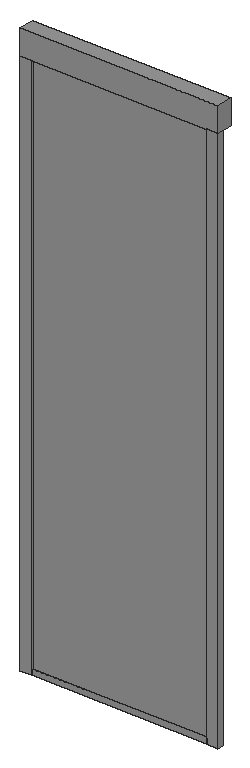
Revit family "Bicomics_dimshtora_EI60", category Обобщенные модели, Revit 2016
Family settings
  Основа = Стена
  Тип детали = Нормальный
  Может служить основой для арматурных стержней = Нет
  Размер круглого соединителя = Использовать диаметр
  Всегда вертикально = Да
  При загрузке вырезать с полостями = Нет
  Общий = Нет
  Точка расчета площади = Нет
Parameters (values of type "Дымозащитная штора ШДЗ E 120")
  расположение люка = 1000 mm  # constant formula
  движение по x [instance] = if(Направляющие в проем слева, 83 mm, 20 mm)  # 20 mm
  Электросеть = 220 V
  Ширина проема [instance] = if(and(Направляющие в проем слева, Направляющие в проем справа), ADSK_Размер_Ширина - 2 * Толщина направляющих, ADSK_Размер_Ширина)  # 1400 mm
  Ширина полотна [instance] = if(Направляющие в проем слева, ADSK_Размер_Ширина - 30 mm, ADSK_Размер_Ширина + 20 mm)  # 1420 mm
  Ширина общая [instance] = ADSK_Размер_Ширина + 2 * Толщина направляющих  # 1580 mm
  Ширина люка = 150 mm  # constant formula
  Ширина лаза = 50 mm  # constant formula
  Ширина короба [instance] = size_lookup(FL_Таблица1, "AB", 0 mm, Ширина для подбора, Высота для подбора)  # 126 mm
  Ширина для подбора [instance] = Размер_Ширина_ округ * 1 mm  # 4000 mm
  Цвет конструкции по RAL = ""
  Толщина полотна = 15 mm
  Толщина направляющих = 90 mm
  Ток = 10 A
  Тип монтажа направляющих [instance] = if(Видимость 5, "в проем", "на проем")  # "на проем"
  Сухой контакт (В) = ""
  Снаружи справа = not(Направляющие в проем справа)  # yes
  Разработано = "support@bimlib.ru"  # constant formula
  Размер_Высота_округ [instance] = roundup(ADSK_Размер_Ширина / 500 mm) * 500  # 1500
  Размер_Ширина_ округ [instance] = roundup(ADSK_Размер_Высота / 500 mm) * 500  # 4000
  Направляющие в проем слева = no
  Направляющие в проем справа = no
  Мощность двигателя [instance] = size_lookup(FL_Таблица1, "M", 0 W, Ширина для подбора, Высота для подбора)  # 255 W
  Материал полотна = Полотно EI 120
  Материал направляющих = Сталь х/к 0,8ПС  1.5мм
  Материал короба = Сталь х/к 0,8ПС  1.5мм
  Движение планки по x = if(Направляющие в проем слева, 82 mm, 19 mm)  # 19 mm
  Высота для подбора [instance] = Размер_Высота_округ * 1 mm  # 1500 mm
  Watermarked By = ""
  Type Comments = "﻿﻿ ​ ​​​​​​   ﻿ ​   ﻿       ​ ﻿ ​ ​ ﻿ ​   ﻿       ​ ﻿   ﻿     ﻿   ​       ﻿  ﻿ ﻿   ﻿ ﻿   ﻿        ​​ ​        ​ ﻿   ​ ﻿ ​                ﻿                ​  ﻿        ﻿﻿"
  Изготовитель = "Бикомикс"  # constant formula
  Движение по y = 500 mm
  Движение коннектора по y [instance] = if(Снаружи слева, 330 mm, 150 mm)  # 330 mm
  Движение коннектора по x = if(Снаружи слева, 10 mm, 150 mm)  # 10 mm
  Глубина направляющих = 45 mm
  Выступ = 1 mm
  Высота от опорного уровня [instance] = 4000 mm
  Высота общая [instance] = if(and(Направляющие в проем слева, Направляющие в проем справа), ADSK_Размер_Высота, ADSK_Размер_Высота + Высота короба)  # 4200 mm
  Высота люка = 300 mm  # constant formula
  Штора открыто = no
  Снаружи слева = not(Направляющие в проем слева)  # yes
  Высота короба [instance] = size_lookup(FL_Таблица1, "HB", 0 mm, Ширина для подбора, Высота для подбора)  # 200 mm
  Высота [instance] = if(Направляющие в проем слева, ADSK_Размер_Высота, Высота общая)  # 4200 mm
  Видимость 5 = and(Направляющие в проем слева, Направляющие в проем справа)  # no
  Видимость 4 = no
  Видимость 2 = no
  Видимость 3 = yes
  Видимость 1 = and(not(Штора открыто))  # yes
  Вес м2 полотна [instance] = 0.70 kg
  Вес 1м ширины короба [instance] = size_lookup(FL_Таблица1, "dt", 0.00 kg, Ширина для подбора, Высота для подбора)  # 26.55 kg
  URL = "http://fireproof.bikoms.ru/"
  Keynote = "﻿﻿ ​ ​​​​​​   ﻿ ​   ﻿       ​ ﻿ ​ ​ ﻿ ​   ﻿       ​ ﻿   ﻿     ﻿   ​       ﻿  ﻿ ﻿   ﻿ ﻿   ﻿        ​​ ​        ​ ﻿   ​ ﻿ ​                ﻿                ​  ﻿        ﻿﻿"
  FL_Таблица1 = "СеткаКоробов120"
  Диаметр вала [instance] = size_lookup(FL_Таблица1, "V", 0 mm, Ширина для подбора, Высота для подбора)  # 89 mm
  Description = "﻿﻿ ​ ​​​​​​   ﻿ ​   ﻿       ​ ﻿ ​ ​ ﻿ ​   ﻿       ​ ﻿   ﻿     ﻿   ​       ﻿  ﻿ ﻿   ﻿ ﻿   ﻿        ​​ ​        ​ ﻿   ​ ﻿ ​                ﻿                ​  ﻿        ﻿﻿"
  Assembly Code = "﻿﻿ ​ ​​​​​​   ﻿ ​   ﻿       ​ ﻿ ​ ​ ﻿ ​   ﻿       ​ ﻿   ﻿     ﻿   ​       ﻿  ﻿ ﻿   ﻿ ﻿   ﻿        ​​ ​        ​ ﻿   ​ ﻿ ​                ﻿                ​  ﻿        ﻿﻿"
  ADSK_Размер_Ширина [instance] = 1400 mm
  ADSK_Размер_Высота [instance] = 4000 mm
  ADSK_Примечание = ""
  ADSK_Предел огнестойкости [instance] = "E 120"
  ADSK_Позиция = ""
  ADSK_Обозначение = ""
  ADSK_Наименование краткое [instance] = size_lookup(FL_Таблица1, "", "Не найдено", Ширина для подбора, Высота для подбора)  # "E120 4000x1500"
  ADSK_Наименование [instance] = "Дымозащитная штора ШДЗ E 120"
  ADSK_Масса_Текст = ""
  ADSK_Код изделия = ""
  ADSK_Единица измерения = "шт."
  ADSK_URL страницы изделия = ""
  ADSK_URL документации изделия = ""
Types (2, lengths in mm): name | Мощность двигателя | Материал полотна | Вес м2 полотна | Вес 1м ширины короба | FL_Таблица1 | Диаметр вала | ADSK_Наименование краткое | ADSK_Наименование
  Дымозащитная штора ШДЗ E 120 | 255 W | Полотно EI 120 | 0.70 kg | 26.55 kg | "СеткаКоробов120" | 89 | "E120 4000x1500" | "Дымозащитная штора ШДЗ E 120"
  Дымозащитная штора ШДЗ E 30 | 180 W | Полотно EI 30 | 0.50 kg | 15.43 kg | "СеткаКоробов30" | 70 | "E30 4000x1500" | "Дымозащитная штора ШДЗ E 30"
Reference planes
  plane 1 "Стена": y = 0
  plane 2 "По центру (Влево/Вправо)": x = 125
  plane 3 "Назад": y = 100.02
  plane 4: x = -575
  plane 5: x = 825
  plane 6: z = 8400
  plane 7: x = -665
  plane 8: x = 915
  plane 9: y = 145.02
  plane 10: y = 125.02
  plane 11: y = 110.02
  plane 12: y = 226.02
  plane 13: z = 8600
  plane 14: x = -585
  plane 15: x = 835
  plane 16: x = 875
  plane 17: x = -625
  plane 18: y = 75
  plane 19: y = 30
  plane 20: x = -560
  plane 21: y = 75
  plane 22: y = 30
  plane 23: x = 735
  plane 24: x = 810
  plane 25: x = -485
  plane 26: y = 52.5
  plane 27: y = 125.02
  plane 28: y = 110.02
  plane 29: y = 62.5
  plane 30: y = 47.5
  plane 31: y = 62.5
  plane 32: y = 47.5
  plane 33: y = 94.868
  plane 34: y = 73.597
  plane 35: y = 185.52
  plane 36: z = 8500
  plane 37: y = 26.02
  plane 38: y = -99.98
  plane 39: z = 8200
  plane 40: z = 4000
  plane 41: y = 105.349
  plane 42: y = 132.746
  plane 43: z = 2046.669
Forms (mm)
  Extrusion 1, void
    sketch origin (0, 0, 0) x (1, 0, 0) y (0, 1, 0)
      loop
        line (-575, 100.02) -> (-575, -99.98) -> (825, -99.98) -> (825, 100.02) -> (-575, 100.02)
    from 0 to 8400
  Extrusion 2, solid, material "Сталь х/к 0,8ПС  1.5мм" <- "Материал направляющих", visible <- "Снаружи слева"
    sketch origin (0, 0, 0) x (1, 0, 0) y (0, 1, 0)
      loop
        line (-575, 125.02) -> (-575, 145.02) -> (-665, 145.02) -> (-665, 100.02) -> (-575, 100.02) -> (-575, 110.02) -> (-625, 110.02) -> (-625, 125.02) -> (-575, 125.02)
    from 4000 to 8400
  Extrusion 3, solid, material "Полотно EI 120" <- "Материал полотна", visible <- "Видимость 1"
    sketch origin (10, 10, 0) x (1, 0, 0) y (0, 1, 0)
      loop
        line (-595, 115.02) -> (-595, 100.02) -> (825, 100.02) -> (825, 115.02) -> (-595, 115.02)
    from 4000 to 8400
  Extrusion 4, solid, material "Сталь х/к 0,8ПС  1.5мм" <- "Материал направляющих", visible <- "Направляющие в проем справа"
    sketch origin (0, 52.5, 0) x (1, 0, 0) y (0, 1, 0)
      loop
        line (735, 10.02) -> (810, 10.02) -> (810, -4.98) -> (735, -4.98) -> (735, -22.5) -> (825, -22.5) -> (825, 22.5) -> (735, 22.5) -> (735, 10.02)
    from 4000 to 8400
  Extrusion 5, solid, material "Сталь х/к 0,8ПС  1.5мм" <- "Материал направляющих", visible <- "Направляющие в проем слева"
    sketch origin (250, 52.5, 0) x (-1, 0, 0) y (0, -1, 0)
      loop
        line (735, -10.02) -> (735, -22.5) -> (825, -22.5) -> (825, 22.5) -> (735, 22.5) -> (735, 4.98) -> (810, 4.98) -> (810, -10.02) -> (735, -10.02)
    from 4000 to 8400
  Extrusion 6, solid, material "Сталь х/к 0,8ПС  1.5мм" <- "Материал направляющих", visible <- "Снаружи справа"
    sketch origin (0, 0, 0) x (1, 0, 0) y (0, 1, 0)
      loop
        line (825, 145.02) -> (825, 125.02) -> (875, 125.02) -> (875, 110.02) -> (825, 110.02) -> (825, 100.02) -> (915, 100.02) -> (915, 145.02) -> (825, 145.02)
    from 4000 to 8400
  Extrusion 7, solid, material "Сталь х/к 0,8ПС  1.5мм" <- "Материал короба", visible <- "Снаружи слева"
    sketch origin (125, 0, 0) x (0, 1, 0) y (0, 0, 1)
      loop
        line (100.02, 8600) -> (100.02, 8400) -> (226.02, 8400) -> (226.02, 8600) -> (100.02, 8600)
    from -790 to 790
  Extrusion 8, solid, material "Сталь х/к 0,8ПС  1.5мм" <- "Материал короба", visible <- "Направляющие в проем слева"
    sketch origin (0, 0, 0) x (1, 0, 0) y (0, 1, 0)
      loop
        line (825, 26.02) -> (-575, 26.02) -> (-575, -99.98) -> (825, -99.98) -> (825, 26.02)
    from 8200 to 8400
  Extrusion 9, solid, material "Сталь х/к 0,8ПС  1.5мм" <- "Материал направляющих", visible <- "Видимость 1"
    sketch origin (125, 0, 0) x (0, 1, 0) y (0, 0, 1)
      loop
        line (106.02, 4045) -> (106.02, 4000) -> (131.02, 4000) -> (131.02, 4015) -> (126.02, 4018.124) -> (126.02, 4045) -> (106.02, 4045)
    from -700 to 700
Lines and regions (mm)
  symbolic lines, style "GenericModel", visible <- "Снаружи справа"
    curve 1: line (-665, 145.02, 0) -> (-665, 100.02, 0)
    curve 2: line (-665, 122.52, 0) -> (915, 122.52, 0)
    curve 3: line (915, 145.02, 0) -> (915, 100.02, 0)
  symbolic lines, style "GenericModel", visible <- "Направляющие в проем слева"
    curve 4: line (-560, 100.02, 0) -> (-560, -99.98, 0)
    curve 5: line (810, 100.048, 0) -> (810, -99.98, 0)
    curve 6: line (-560, 0.02, 0) -> (810, 0.02, 0)
Text (mm)
  text "Сторона размещения" at (-1848.837, 1116.779, 0), in view "Опорный уровень"
  text "Сторона размещения" at (0, 1409.804, 2854.306), in view "Слева"
  text "Сторона размещения" at (0, 499.811, 2980.732), in view "Справа"
Dimensions and locks
  locked: plane 3 "Назад" to host wall
  equal spacing: plane 4, plane 2 "По центру (Влево/Вправо)", plane 5
  "ADSK_Размер_Ширина": plane 4 to plane 5
  "Толщина направляющих": plane 7 to plane 4
  "Толщина направляющих": plane 5 to plane 8
  "Толщина полотна": plane 10 to plane 11
  "Глубина направляющих": plane 3 "Назад" to plane 9
  "Ширина короба": plane 3 "Назад" to plane 12
  "Высота короба": plane 6 to plane 13
  locked: plane 9 to plane 10 at 20
  equal spacing: plane 14, plane 2 "По центру (Влево/Вправо)", plane 15
  "Ширина полотна": plane 14 to plane 15
  "Толщина полотна": Extrusion 4 to Extrusion 4
  "Толщина полотна": Extrusion 5 to Extrusion 5
  "Толщина направляющих": plane 23 to plane 5
  plane 23 to plane 24 = 75 mm
  "Толщина направляющих": plane 4 to plane 25
  plane 20 to plane 25 = 75 mm
  "Глубина направляющих": plane 18 to plane 19
  "Глубина направляющих": plane 22 to plane 21
  equal spacing: plane 18, plane 26, plane 19
  equal spacing: plane 22, plane 26, plane 21
  "движение по x": plane 9 to plane 27
  "Толщина полотна": plane 28 to plane 27
  "Толщина полотна": plane 31 to plane 32
  "Толщина полотна": plane 30 to plane 29
  plane 6 to Extrusion 7 = 200 mm
  plane 16 to curve 3 = 40 mm
  locked: plane 5 to plane 16 at 50
  locked: plane 17 to plane 4 at 50
  locked: plane 33 to plane 34 at 21.272
  locked: plane 34 to host wall at 73.577
  equal spacing: plane 13, plane 36, plane 6
  equal spacing: plane 9, plane 35, plane 12
  "Движение коннектора по x": plane 22 to connector elem  (x2)
  "Ширина короба": plane 37 to plane 38
  locked: plane 1 "Стена" to plane 38 at 99.98
  "Высота короба": plane 6 to plane 39
  "Движение коннектора по y": connector elem to plane 13  (x2)
  locked: connector elem to plane 36
  locked: connector elem to plane 35 at 40
  "Высота": plane 40 to plane 39
  "Высота от опорного уровня": level to plane 40
  locked: Extrusion 9 sketch curve to Extrusion 9 sketch curve at 45
  locked: Extrusion 9 sketch curve to Extrusion 9 sketch curve at 20
  locked: Extrusion 9 sketch curve to Extrusion 9 sketch curve at 5
  "Движение планки по x": plane 9 to Extrusion 9
  aligned and locked: host wall to plane 1 "Стена"
  aligned and locked: Extrusion 1 sketch curve to host wall  (x2)
  aligned and locked: plane 4 to Extrusion 1 sketch curve
  aligned and locked: Extrusion 1 sketch curve to plane 5
  aligned and locked: plane 6 to Extrusion 1
  aligned and locked: plane 9 to Extrusion 2
  aligned and locked: plane 4 to Extrusion 2  (x2)
  aligned and locked: Extrusion 2 to plane 7
  aligned and locked: Extrusion 2 to host wall
  aligned and locked: plane 6 to Extrusion 3
  aligned and locked: Extrusion 2 sketch curve to plane 10
  aligned and locked: plane 11 to Extrusion 2 sketch curve
  aligned and locked: plane 17 to Extrusion 2 sketch curve
  aligned and locked: plane 23 to Extrusion 4 sketch curve  (x2)
  aligned and locked: Extrusion 4 sketch curve to plane 22
  aligned and locked: Extrusion 4 sketch curve to plane 21
  aligned and locked: Extrusion 4 sketch curve to plane 5
  aligned and locked: plane 20 to Extrusion 5
  aligned and locked: Extrusion 5 to plane 19
  aligned and locked: Extrusion 5 to plane 18
  aligned and locked: plane 24 to Extrusion 4 sketch curve
  aligned and locked: plane 25 to Extrusion 5
  aligned and locked: Extrusion 5 sketch curve to Extrusion 5 sketch curve
  aligned and locked: Extrusion 3 sketch curve to plane 27
  aligned and locked: Extrusion 3 sketch curve to plane 28
  aligned and locked: plane 14 to Extrusion 3 sketch curve
  aligned and locked: Extrusion 3 sketch curve to plane 15
  aligned and locked: plane 6 to Extrusion 5
  aligned and locked: plane 6 to Extrusion 4
  aligned and locked: Extrusion 6 sketch curve to plane 9
  aligned and locked: Extrusion 6 sketch curve to plane 5  (x2)
  aligned and locked: plane 11 to Extrusion 6 sketch curve
  aligned and locked: Extrusion 6 sketch curve to plane 16
  aligned and locked: Extrusion 6 sketch curve to plane 10
  aligned and locked: plane 8 to Extrusion 6 sketch curve
  aligned and locked: Extrusion 6 sketch curve to host wall
  aligned and locked: Extrusion 7 sketch curve to Extrusion 2
  aligned and locked: plane 6 to Extrusion 7 sketch curve
  aligned and locked: Extrusion 7 sketch curve to plane 12
  aligned and locked: plane 6 to Extrusion 6
  aligned and locked: plane 13 to Extrusion 7
  aligned and locked: plane 6 to Extrusion 2
  aligned and locked: Extrusion 7 to plane 8
  aligned and locked: plane 7 to Extrusion 7
  aligned and locked: plane 37 to Extrusion 8 sketch curve
  aligned and locked: plane 5 to Extrusion 8 sketch curve
  aligned and locked: Extrusion 8 sketch curve to plane 38
  aligned and locked: Extrusion 8 sketch curve to plane 4
  aligned and locked: plane 6 to Extrusion 8
  aligned and locked: Extrusion 8 to plane 39
  aligned and locked: curve 4 to plane 20
  aligned and locked: curve 5 to plane 24
  aligned and locked: Extrusion 5 to Extrusion 2
  aligned and locked: Extrusion 4 to plane 40
  aligned and locked: Extrusion 6 to Extrusion 4
  aligned and locked: Extrusion 3 to Extrusion 2
  aligned and locked: Extrusion 3 to Extrusion 4
  aligned and locked: Extrusion 9 to plane 5
  aligned and locked: plane 4 to Extrusion 9
Automatic sketch dimensions
  Extrusion 2 sketch curve to host wall = 0 mm
  Extrusion 2 sketch curve to plane 7 = 0 mm
  Extrusion 2 sketch curve to plane 4 = 0 mm  (x2)
  Extrusion 2 sketch curve to plane 9 = 0 mm
  Extrusion 4 sketch curve to host wall = 47.5 mm
  Extrusion 4 sketch curve to host wall = 62.5 mm
  Extrusion 5 sketch curve to plane 25 = 0 mm
  Extrusion 5 sketch curve to plane 20 = 0 mm
  Extrusion 5 sketch curve to plane 4 = 0 mm
  plane 19 to Extrusion 5 sketch curve = 0 mm
  plane 18 to Extrusion 5 sketch curve = 0 mm
  host wall to Extrusion 5 sketch curve = 47.5 mm
  host wall to Extrusion 5 sketch curve = 62.5 mm
  Extrusion 7 sketch curve to Extrusion 7 sketch curve = 200 mm
  curve 1 to host wall = 0 mm
  curve 1 to plane 7 = 0 mm
  curve 3 to host wall = 0 mm
  curve 1 to plane 9 = 0 mm
  plane 9 to curve 3 = 0 mm
  curve 2 to plane 10 = 2.5 mm
  curve 4 to host wall = 0 mm
  host wall to curve 4 = 0 mm
  host wall to curve 5 = 0 mm
  host wall to curve 5 = 0.029 mm
  host wall to curve 6 = 0 mm
  Extrusion 9 sketch curve to plane 40 = 0 mm
  Extrusion 9 sketch curve to plane 42 = 1.727 mm
  plane 40 to Extrusion 9 sketch curve = 15 mm
  Extrusion 9 sketch curve to Extrusion 9 sketch curve = 3.124 mm
Connectors
  electrical at (915, 40, 8270), driven by "Мощность двигателя", driven by "Мощность двигателя", driven by "Электросеть"
    settings: on Extrusion 7, index 1, voltage 220 V, apparent load 255 W, apparent load phase1 255 W, apparent load phase2 0 W, apparent load phase3 0 W, power factor 1, load classification "Прочее", number of poles 1, system type 30, power factor state 1, is connector primary yes, connector utility yes, sub classification motor no, connector description ""
  electrical at (-665, 40, 8270), driven by "Мощность двигателя", driven by "Электросеть"
    settings: on Extrusion 7, index 2, voltage 220 V, apparent load 0 W, apparent load phase1 255 W, apparent load phase2 0 W, apparent load phase3 0 W, power factor 1, load classification "Прочее", number of poles 1, system type 31, power factor state 1, is connector primary no, connector utility no, sub classification motor no, connector description ""
  electrical at (-665, 145.52, 8500), driven by "Сухой контакт (В)"
    settings: on Extrusion 7, index 3, voltage 0 V, apparent load 0 W, apparent load phase1 0 W, apparent load phase2 0 W, apparent load phase3 0 W, power factor 1, load classification "Прочее", number of poles 1, system type 11, power factor state 1, is connector primary no, connector utility no, sub classification motor no, connector description ""
